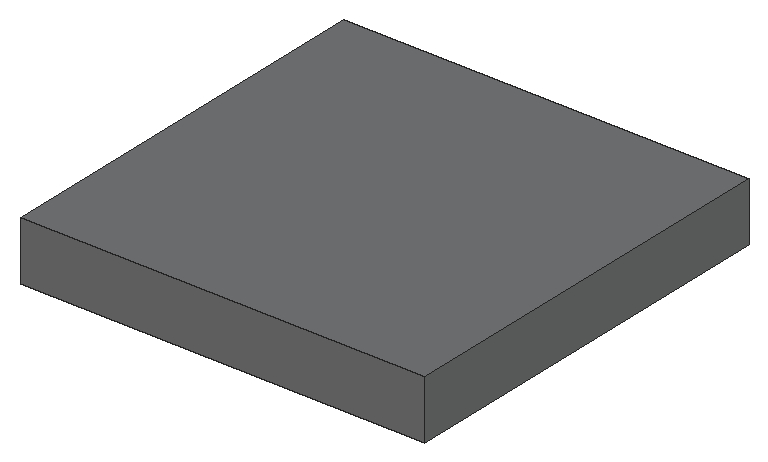
Revit family "Gira_026803", category Electrical Fixtures, host Face, Revit 2017
Family settings
  Host = Face
  Maintain Annotation Orientation = No
  Round Connector Dimension = Use Diameter
  Part Type = Normal
  Cut with Voids When Loaded = No
  Shared = No
  Room Calculation Point = No
Parameters (values of type "Blank cov.pl. sup.ring System 55 p.white")
  With strain relief = "No"
  With imprint = "No"
  With hinged lid = "No"
  With dust cover = "No"
  Utilization = "Blind cap"
  URL = "http://katalog.gira.de/en/datenblatt.html?artikelnr=026803"
  Type of fastening = "Mounting with screw"
  Transparent = "No"
  Surface protection = "Other"
  Surface finishing = "Glossy"
  Support ring = "Yes"
  Suitable for degree of protection (IP) = "IP20"
  RAL-number (akin) = "9010"
  Name = "Blank cov.pl. sup.ring System 55 p.white"
  Mounting method = "Flush mounted (plaster)"
  Material quality = "Thermoplastic"
  Material = "Plastic"
  Manufacturer URL = "https://www.gira.de/"
  Manufacturer = "Gira"
  Luster terminal = "No"
  Keynote = ""
  Imprintable label = "Without indication field"
  HeinzeBIM = "https://bimportal.heinze.de/bim/blank-cov-pl-sup-ring-system-55-p-white/fcda4eecf50e2b15c96f379005d226d6bbe24f9c"
  Halogen free = "Yes"
  HAN = "026803"
  GTIN = "4010337268031"
  Description = "Bl.cov.pl.sup.r. Sys55 PW,Blank cover plate with support ring,,pure white glossy,Notes :,- For screw mounting only."
  Default Elevation = 1219.2 mm
  Data sheet (1) = "https://katalog.gira.de/en/download.html?artikelnr=026803"
  Colour = "White"
  Category = "Insert/cover for communication technology"
  BIM (1) = "https://media.stage.bim.site/public/gira/36a6b08/Sys55_Abdeckung_Schalten und Tasten.rfa?public/gira/36a6b08/Sys55_Abdeckung_Schalten und Tasten.rfa"
  Available = "No"
  Assembly arrangement = "Control element"
  Anthrazit [instance] = Anthrazit
Reference planes
  plane 1 "Center (Front/Back)": y = 0
  plane 2: z = 0
  plane 3 "Center (Left/Right)": x = 0
Forms (mm)
  Extrusion 1, solid, material "Anthrazit" <- "Anthrazit", detail levels fine
    sketch origin (0, 0, 0) x (1, 0, 0) y (0, 1, 0)
      loop
        line (-27.5, 27.5) -> (-27.5, -27.5) -> (27.5, -27.5) -> (27.5, 27.5) -> (-27.5, 27.5)
    from 0 to 8
  Extrusion 2, void
    sketch origin (0, 0, 0) x (1, 0, 0) y (0, 1, 0)
      loop
        line (26, 26) -> (-26, 26) -> (-26, -26) -> (26, -26) -> (26, 26)
    from 0 to 6
  Extrusion 3, solid, material "Anthrazit" <- "Anthrazit", detail levels medium
    sketch origin (0, 0, 0) x (1, 0, 0) y (0, 1, 0)
      loop
        line (-27.5, 27.5) -> (-27.5, -27.5) -> (27.5, -27.5) -> (27.5, 27.5) -> (-27.5, 27.5)
    from 0 to 8
  Extrusion 4, solid, material "Anthrazit" <- "Anthrazit", detail levels medium
    sketch origin (0, 0, 0) x (1, 0, 0) y (0, 1, 0)
      loop
        line (11, -17.5) -> (11, 17.5) -> (-11, 17.5) -> (-11, -17.5) -> (11, -17.5)
    from -6 to 6
  Extrusion 5, solid, material "Anthrazit" <- "Anthrazit", detail levels fine
    sketch origin (0, 0, 0) x (1, 0, 0) y (0, 1, 0)
      loop
        line (11, 17.5) -> (-11, 17.5) -> (-11, 16.5) -> (11, 16.5) -> (11, 17.5)
      loop
        line (-11, -16.5) -> (-11, -17.5) -> (11, -17.5) -> (11, -16.5) -> (-11, -16.5)
    from -4 to 6
  Extrusion 6, solid, material "Anthrazit" <- "Anthrazit", detail levels fine
    sketch origin (0, 0, 0) x (1, 0, 0) y (0, 1, 0)
      loop
        arc (5, 9.347) -> (0, 10.6) -> (-5, 9.347) r 10.6
        line (-5, 9.347) -> (-5, -9.347)
        arc (-5, -9.347) -> (0, -10.6) -> (5, -9.347) r 10.6
        line (5, -9.347) -> (5, 9.347)
    from -6 to 6
  Extrusion 7, solid, material "Anthrazit" <- "Anthrazit", detail levels coarse
    sketch origin (0, 0, 0) x (1, 0, 0) y (0, 1, 0)
      loop
        line (-27.5, 27.5) -> (-27.5, -27.5) -> (27.5, -27.5) -> (27.5, 27.5) -> (-27.5, 27.5)
    from -6 to 8
Cuts and joins
  Extrusion 2 cuts Extrusion 1
Dimensions and locks
  aligned and locked: plane 2 to host face
  aligned and locked: level to host face
